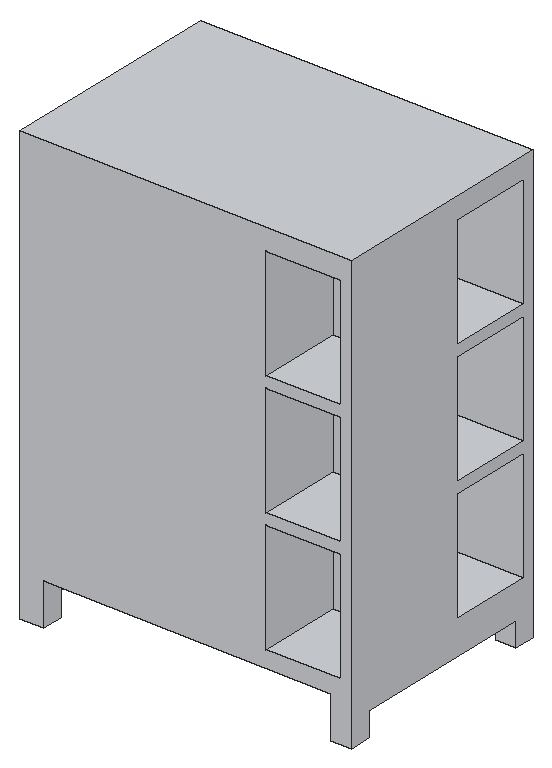
Revit family
Parameters
  Depth = 2' - 0"
  Height = 3' - 0"
  Width = 4' - 0"
Reference planes (in)
  plane 1 "Back": y = 0
  plane 2: z = 0
  plane 3 "Center (Left/Right)": x = 0.7377
  plane 4 "Left": x = -23.2623
  plane 5 "Right": x = 24.7377
  plane 6 "Front": y = -24
  plane 7 "Top": z = 36
Forms (in)
  Extrusion 1, solid
    sketch origin (0, 0, 0) x (1, 0, 0) y (0, 1, 0)
      loop
        line (-23.2623, 0) -> (-23.2623, -16.125) -> (0.3627, -16.125) -> (0.3627, 0) -> (-23.2623, 0)
    from 0 to 31.125
  Extrusion 2, void
    sketch origin (0.3627, -16.125, 0) x (1, 0, 0) y (0, 0, -1)
      loop
        line (-6.125, -29.64793) -> (-0.75, -29.64793) -> (-0.75, -21.64793) -> (-6.125, -21.64793) -> (-6.125, -29.64793)
      loop
        line (-6.125, -20.89793) -> (-0.75, -20.89793) -> (-0.75, -12.89793) -> (-6.125, -12.89793) -> (-6.125, -20.89793)
      loop
        line (-6.125, -12.14793) -> (-0.75, -12.14793) -> (-0.75, -4.14793) -> (-6.125, -4.14793) -> (-6.125, -12.14793)
    from 0 to 6
  Extrusion 3, void
    sketch origin (0.3627, -16.125, 0) x (1, 0, 0) y (0, 0, -1)
      loop
        line (-21.94588, 0) -> (-21.94588, -3) -> (-1.44588, -3) -> (-1.44588, 0) -> (-21.94588, 0)
    from 0 to 36.25
  Extrusion 4, void
    sketch origin (0.3627, 0, 0) x (0, 1, 0) y (0, 0, -1)
      loop
        line (-6.75, -29.64793) -> (-0.75, -29.64793) -> (-0.75, -21.64793) -> (-6.75, -21.64793) -> (-6.75, -29.64793)
      loop
        line (-6.75, -20.89793) -> (-0.75, -20.89793) -> (-0.75, -12.89793) -> (-6.75, -12.89793) -> (-6.75, -20.89793)
      loop
        line (-6.75, -12.14793) -> (-0.75, -12.14793) -> (-0.75, -4.14793) -> (-6.75, -4.14793) -> (-6.75, -12.14793)
    from 0 to 6
  Extrusion 5, void
    sketch origin (0.3627, 0, 0) x (0, 1, 0) y (0, 0, -1)
      loop
        line (-14.625, 0) -> (-14.625, -1.75) -> (-1.5, -1.75) -> (-1.5, 0) -> (-14.625, 0)
    from 0 to 39
Cuts and joins
  Extrusion 2, Extrusion 3, Extrusion 4, Extrusion 5 cuts Extrusion 1
Dimensions and locks (in)
  "Depth": plane 6 "Front" to plane 1 "Back"
  "Width": plane 4 "Left" to plane 5 "Right"
  equal spacing: plane 4 "Left", plane 3 "Center (Left/Right)", plane 5 "Right"
  "Height": level to plane 7 "Top"
  aligned and locked: plane 2 to level
Automatic sketch dimensions
  Extrusion 1 sketch curve to plane 4 "Left" = 0' - 0"
  plane 1 "Back" to Extrusion 1 sketch curve = 0' - 0"
  Extrusion 1 sketch curve to plane 3 "Center (Left/Right)" = 0' - 0 3/8"
  Extrusion 1 sketch curve to plane 6 "Front" = 0' - 7 7/8"
  Extrusion 1 to Extrusion 2 sketch curve = 0' - 6 1/8"  (x2)
  Extrusion 2 sketch curve to Extrusion 2 sketch curve = 0' - 0"  (x3)
  Extrusion 1 to Extrusion 2 sketch curve = 0' - 0 3/4"
  Extrusion 2 sketch curve to Extrusion 1 = 0' - 1.47707"
  Extrusion 2 sketch curve to Extrusion 2 sketch curve = 0' - 8"  (x2)
  Extrusion 2 sketch curve to Extrusion 1 = 0' - 4.14793"
  Extrusion 2 sketch curve to Extrusion 2 sketch curve = 0' - 0 3/4"  (x2)
  Extrusion 3 sketch curve to Extrusion 1 = 0' - 0"
  Extrusion 3 sketch curve to Extrusion 1 = 0' - 1.67912"
  Extrusion 1 to Extrusion 3 sketch curve = 0' - 1.44588"
  Extrusion 3 sketch curve to Extrusion 1 = 0' - 3"
  Extrusion 4 sketch curve to Extrusion 1 = 0' - 1.47707"
  Extrusion 4 sketch curve to Extrusion 1 = 0' - 6 3/4"  (x2)
  Extrusion 4 sketch curve to Extrusion 4 sketch curve = 0' - 0"  (x3)
  Extrusion 4 sketch curve to Extrusion 1 = 0' - 0 3/4"
  Extrusion 4 sketch curve to Extrusion 4 sketch curve = 0' - 8"  (x2)
  Extrusion 4 sketch curve to Extrusion 4 sketch curve = 0' - 0 3/4"  (x2)
  Extrusion 4 sketch curve to Extrusion 1 = 0' - 4.14793"
  Extrusion 1 to Extrusion 5 sketch curve = 0' - 0"
  Extrusion 5 sketch curve to Extrusion 1 = 0' - 1 1/2"  (x2)
  Extrusion 5 sketch curve to Extrusion 1 = 0' - 1 3/4"
